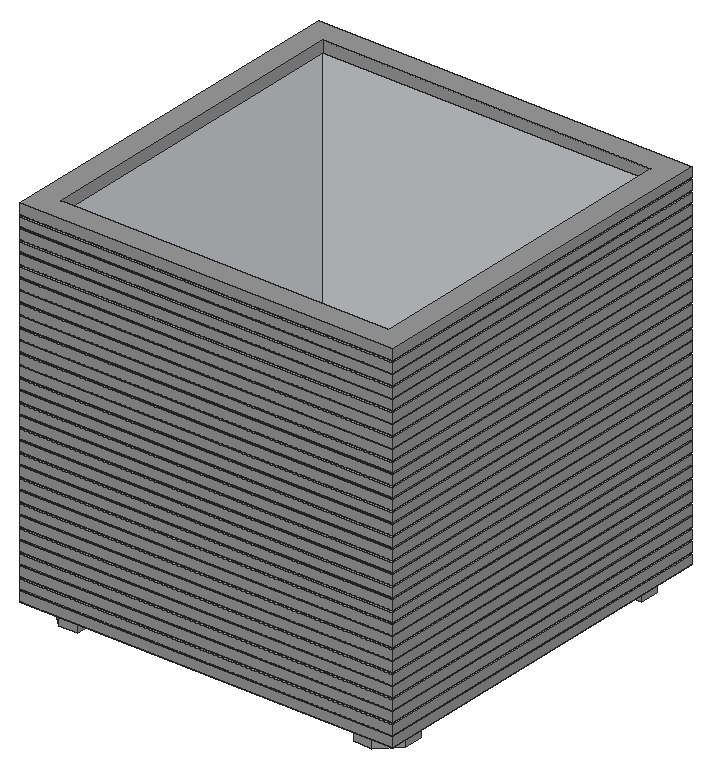
Revit family "27328 Цветочница «Мадрид» 1000х1000x1000 мм Хоббика", category Антураж, Revit 2018
Family settings
  На основе рабочей плоскости = Нет
  Всегда вертикально = Да
  При загрузке вырезать с полостями = Нет
  Источник визуального образа = Геометрия семейства
  Общий = Нет
  Точка расчета площади = Нет
Parameters (values of type "Цветочница «Мадрид» 1000х1000x1000 мм")
  Ширина = 1000 mm  # constant formula
  Цвет отделки = Дерево
  Описание = "Цветочница «Мадрид» 1000х1000x1000 мм"  # constant formula
  Материал изделия = "Сталь, дерево"  # constant formula
  Изображение типоразмера = Цветочница «Мадрид» 1000х1000x1000 мм Арт 27328.jpg
  Изготовитель = "ООО «Хоббика»"  # constant formula
  Длина = 1000 mm  # constant formula
  Группа модели = "Цветочницы и уличные вазоны для цветов"  # constant formula
  Высота = 1000 mm  # constant formula
  Артикул товара = "Арт. 27328"  # constant formula
  URL = "https://hobbyka.ru/product/tsvetochnitsa_madrid_1000_1000_1000"
Reference planes
  plane 1 "По центру (Вперед/Назад)": y = 0
  plane 2: z = 0
  plane 3 "По центру (Влево/Вправо)": x = 0
  plane 4: z = 530
  plane 5: x = 1000
  plane 6: y = 1000
  plane 7: z = 1000
Forms (mm)
  Extrusion 1, solid, material "Черный"
    sketch origin (0, 0, 0) x (1, 0, 0) y (0, 1, 0)
      loop
        line (80, 970) -> (30, 920) -> (30, 870) -> (130, 870) -> (130, 970) -> (80, 970)
      loop
        line (30, 80) -> (80, 30) -> (130, 30) -> (130, 130) -> (30, 130) -> (30, 80)
      loop
        line (920, 30) -> (970, 80) -> (970, 130) -> (870, 130) -> (870, 30) -> (920, 30)
      loop
        line (970, 920) -> (920, 970) -> (870, 970) -> (870, 870) -> (970, 870) -> (970, 920)
    from 0 to 50
  Sweep 2, solid, material "Дерево" <- "Цвет отделки"
    path origin (0, 0, 0) x (1, 0, 0) y (0, 1, 0)
      loop
        line (0, 1000) -> (0, 0) -> (1000, 0) -> (1000, 1000) -> (0, 1000)
    profile origin (500, 1000, 0) x (0, 1, 0) y (0, 0, 1)
      loop
        line (0, 522) -> (0, 548) -> (-2, 550) -> (0, 552) -> (0, 578) -> (-2, 580) -> (0, 582) -> (0, 608) -> (-2, 610) -> (0, 612) -> (0, 638) -> (-2, 640) -> (0, 642) -> (0, 668) -> (-2, 670) -> (0, 672) -> (0, 698) -> (-2, 700) -> (0, 702) -> (0, 728) -> (-2, 730) -> (0, 732) -> (0, 758) -> (-2, 760) -> (0, 762) -> (0, 788) -> (-2, 790) -> (0, 792) -> (0, 818) -> (-2, 820) -> (0, 822) -> (0, 848) -> (-2, 850) -> (0, 852) -> (0, 878) -> (-2, 880) -> (0, 882) -> (0, 908) -> (-2, 910) -> (0, 912) -> (0, 938) -> (-2, 940) -> (0, 942) -> (0, 968) -> (-2, 970) -> (0, 972) -> (0, 1000) -> (-60, 1000) -> (-60, 970) -> (-40, 970) -> (-40, 40) -> (-2, 40) -> (0, 42) -> (0, 68) -> (-2, 70) -> (0, 72) -> (0, 98) -> (-2, 100) -> (0, 102) -> (0, 128) -> (-2, 130) -> (0, 132) -> (0, 158) -> (-2, 160) -> (0, 162) -> (0, 188) -> (-2, 190) -> (0, 192) -> (0, 218) -> (-2, 220) -> (0, 222) -> (0, 248) -> (-2, 250) -> (0, 252) -> (0, 278) -> (-2, 280) -> (0, 282) -> (0, 308) -> (-2, 310) -> (0, 312) -> (0, 338) -> (-2, 340) -> (0, 342) -> (0, 368) -> (-2, 370) -> (0, 372) -> (0, 398) -> (-2, 400) -> (0, 402) -> (0, 428) -> (-2, 430) -> (0, 432) -> (0, 458) -> (-2, 460) -> (0, 462) -> (0, 488) -> (-2, 490) -> (0, 492) -> (0, 518) -> (-2, 520) -> (0, 522)
  Extrusion 3, solid
    sketch origin (0, 0, 0) x (1, 0, 0) y (0, 1, 0)
      loop
        line (40, 960) -> (40, 40) -> (960, 40) -> (960, 960) -> (40, 960)
    from 50 to 970
  Extrusion 4, void
    sketch origin (0, 0, 0) x (1, 0, 0) y (0, 1, 0)
      loop
        line (50, 950) -> (50, 50) -> (950, 50) -> (950, 950) -> (50, 950)
    from 60 to 1106.58
Cuts and joins
  Extrusion 4 cuts Extrusion 1
  Extrusion 4 cuts Extrusion 3
Dimensions and locks
  "Высота": plane 7 to level
  "Длина": plane 3 "По центру (Влево/Вправо)" to plane 5
  "Ширина": plane 1 "По центру (Вперед/Назад)" to plane 6
  aligned and locked: level to plane 2
Automatic sketch dimensions
  plane 3 "По центру (Влево/Вправо)" to Extrusion 1 sketch curve = 30 mm  (x2)
  Extrusion 1 sketch curve to plane 6 = 30 mm  (x2)
  Extrusion 1 sketch curve to Extrusion 1 sketch curve = 50 mm  (x11)
  Extrusion 1 sketch curve to plane 1 "По центру (Вперед/Назад)" = 30 mm  (x2)
  Extrusion 1 sketch curve to Extrusion 1 sketch curve = 100 mm  (x2)
  Extrusion 1 sketch curve to plane 5 = 130 mm  (x2)
  Extrusion 1 sketch curve to plane 5 = 30 mm  (x2)
  Extrusion 1 sketch curve to plane 6 = 130 mm
  plane 1 "По центру (Вперед/Назад)" to Sweep 2 sketch curve = 0 mm
  Sweep 2 sketch curve to plane 3 "По центру (Влево/Вправо)" = 0 mm
  Sweep 2 sketch curve to plane 5 = 0 mm
  Sweep 2 sketch curve to plane 6 = 0 mm
  Sweep 2 sketch curve to profile plane = 0 mm  (x32)
  profile plane to Sweep 2 sketch curve = 2 mm  (x32)
  Sweep 2 sketch curve to Sweep 2 sketch curve = 38 mm
  Sweep 2 sketch curve to Sweep 2 sketch curve = 20 mm
  level to Sweep 2 sketch curve = 40 mm
  Sweep 2 sketch curve to Sweep 2 sketch curve = 2 mm  (x32)
  Sweep 2 sketch curve to Sweep 2 sketch curve = 26 mm  (x31)
  Sweep 2 sketch curve to Sweep 2 sketch curve = 0 mm
  Sweep 2 sketch curve to Sweep 2 sketch curve = 28 mm
  plane 3 "По центру (Влево/Вправо)" to Extrusion 3 sketch curve = 40 mm
  Extrusion 3 sketch curve to plane 5 = 40 mm
  Extrusion 3 sketch curve to plane 1 "По центру (Вперед/Назад)" = 40 mm
  Extrusion 3 sketch curve to plane 6 = 40 mm
  plane 3 "По центру (Влево/Вправо)" to Extrusion 4 sketch curve = 50 mm
  Extrusion 4 sketch curve to plane 5 = 50 mm
  Extrusion 4 sketch curve to plane 1 "По центру (Вперед/Назад)" = 50 mm
  Extrusion 4 sketch curve to plane 6 = 50 mm
